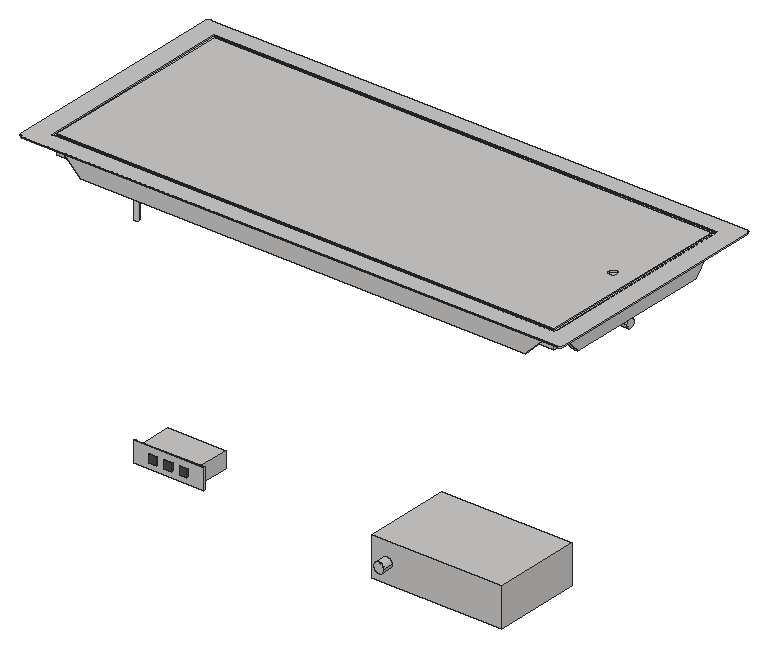
Revit family "QF_ELECTROLUXPROFESSIONAL_341139_D21R4", category Specialty Equipment, Revit 2018
Family settings
  Round Connector Dimension = Use Diameter
  Part Type = Normal
  Work Plane-Based = No
  Always vertical = Yes
  Cut with Voids When Loaded = No
  Shared = No
  Room Calculation Point = No
Parameters (values of type "Standard")
  Weight = 0.00 kg
  Watts = 0 W
  Volts = 220 V
  URL Manufacturer = "http://professional.electrolux.com"
  URL = "http://professional.electrolux.com"
  Steam Supply Size = 0 mm
  Steam Supply Minimum Pressure = 0.0 Pa
  Steam Supply Maximum Pressure = 0.0 Pa
  Steam Pounds per Hour = 0
  Show Clearance [instance] = yes
  Remote Electrical Box_Z [instance] = 200.00 mm
  Remote Electrical Box_Y [instance] = 500.00 mm
  Remote Electrical Box_X [instance] = 1000.00 mm
  Refrigeration Suction Line Size = 0 mm
  Refrigeration Liquid Line Size = 0 mm
  Refrigerant Compressor Remote = yes
  Manufacturer = "Electrolux Professional"
  Phase = 1
  Model = "D21R4"
  Length Actual = 1420.00 mm  # constant formula
  Item Number = "341139"
  Hot Water Size = 0 mm
  Height Actual = 80.00 mm  # constant formula
  HP = "0 HP"
  Gas Size = 0 mm
  Gas KW = 0
  Gas Input Pressure = 0 W
  Direct Waste Size = 25.4 mm
  Description = "DROP-IN REMOTE, REFRIGERATED QUARTZ SURFACE, 4GN"
  Depth Actual = 620.00 mm  # constant formula
  Cycle = 50 Hz
  Controller_Y [instance] = 500.00 mm
  Controller_1Z [instance] = 200.00 mm
  Controller_1X [instance] = 300.00 mm
  Condensate Return Size = 0 mm
  Compressed Air Volume = 0.0 L/s
  Compressed Air Size = 0 mm
  Compressed Air Pressure = 0.0 Pa
  Cold Water Size = 0 mm
  Accessory = yes
Types (2, lengths in mm): name | Volts | URL Manufacturer | URL | Manufacturer | Phase | Model | Item Number | Description | Cycle
  341085.rfa | 0 V | "" | 0.00 | 0.00 | 0 | 0.00 | "" | 0.00 | 0 Hz
  Standard | 220 V | "http://professional.electrolux.com" | "http://professional.electrolux.com" | "Electrolux Professional" | 1 | "D21R4" | "341139" | "DROP-IN REMOTE, REFRIGERATED QUARTZ SURFACE, 4GN" | 50 Hz
Reference planes
  plane 1 "Centro (Fronte/Retro)": y = 74.737
  plane 2: z = 0
  plane 3 "BACK": y = 384.737
  plane 4 "FRONT": y = -235.263
  plane 5 "RIGHT": x = 196.231
  plane 6 "LEFT": x = -1224.769
  plane 7: x = -514.269
  plane 8 "TOP": z = 900
  plane 9: y = 339.737
  plane 10: y = -190.263
  plane 11: x = -1171.989
  plane 12: x = 143.451
  plane 13: z = 898
  plane 14: z = 822
  plane 15: z = 825
  plane 16: x = 136.731
  plane 17: x = -1165.269
  plane 18: y = 333.517
  plane 19: y = -184.043
  plane 20: z = 438
  plane 21: x = 84.731
  plane 22: y = 323.737
  plane 23: x = -1099.769
  plane 24: x = -649.769
  plane 25: y = -165.263
  plane 26: y = 314.737
  plane 27: x = -924.769
  plane 28: x = -224.769
  plane 29: y = -115.263
  plane 30: y = -115.263
  plane 31: z = 200
  plane 32: z = 200
Forms (mm)
  Extrusion 1, solid, material "QF_Finishes_Stainless Steel"
    sketch origin (0, 0, 900) x (-1, 0, 0) y (0, -1, 0)
      loop
        line (1165.269, -333.517) -> (1165.269, 184.043) -> (-136.731, 184.043) -> (-136.731, -333.517) -> (1165.269, -333.517)
    from -2 to -49.012
  Extrusion 2, solid, material "QF_Finishes_Stainless Steel"
    sketch origin (0, 0, 900) x (-1, 0, 0) y (0, -1, 0)
      loop
        line (1165.269, -333.517) -> (1165.269, 184.043) -> (-136.731, 184.043) -> (-136.731, -333.517) -> (1165.269, -333.517)
    from -2 to 0
  Extrusion 3, void
    sketch origin (0, 0, 900) x (-1, 0, 0) y (0, -1, 0)
      loop
        circle (-84.731, -74.737) r 10.5
    from -2 to 0
  Extrusion 4, solid, material "QF_Finishes_Stainless Steel"
    sketch origin (231.731, 362.737, 0) x (0, -1, 0) y (0, 0, -1)
      loop
        line (478, -822) -> (91.78, -822) -> (23, -898) -> (553, -898) -> (478, -822)
    from -88.28 to -95
  Extrusion 5, solid, material "QF_Finishes_Stainless Steel"
    sketch origin (-1260.269, 362.737, 0) x (0, -1, 0) y (0, 0, 1)
      loop
        line (478, 822) -> (553, 898) -> (23, 898) -> (91.78, 822) -> (478, 822)
    from -88.28 to -95
  Extrusion 6, solid, material "QF_Finishes_Stainless Steel"
    sketch origin (231.731, -231.263, 456) x (0, 0, 1) y (-1, 0, 0)
      loop
        line (442, 1403.72) -> (366, 1328.72) -> (366, 163.28) -> (442, 88.28) -> (442, 1403.72)
    from -41 to -47.22
  Extrusion 7, solid, material "QF_Finishes_Stainless Steel"
    sketch origin (231.731, 374.517, 456) x (0, 0, 1) y (1, 0, 0)
      loop
        line (442, -1403.72) -> (442, -88.28) -> (366, -163.28) -> (366, -1328.72) -> (442, -1403.72)
    from -34.78 to -41
  Extrusion 8, solid, material "QF_Finishes_Stainless Steel"
    sketch origin (0, 0, 900) x (-1, 0, 0) y (0, -1, 0)
      loop
        arc (1214.769, -384.737) -> (1221.84, -381.808) -> (1224.769, -374.737) r 10
        line (1224.769, -374.737) -> (1224.769, 225.263)
        arc (1224.769, 225.263) -> (1221.84, 232.334) -> (1214.769, 235.263) r 10
        line (1214.769, 235.263) -> (-186.231, 235.263)
        arc (-186.231, 235.263) -> (-193.302, 232.334) -> (-196.231, 225.263) r 10
        line (-196.231, 225.263) -> (-196.231, -374.737)
        arc (-196.231, -374.737) -> (-193.302, -381.808) -> (-186.231, -384.737) r 10
        line (-186.231, -384.737) -> (1214.769, -384.737)
      loop
        line (1171.989, -339.737) -> (1171.989, 190.263) -> (-143.451, 190.263) -> (-143.451, -339.737) -> (1171.989, -339.737)
    from 0 to -2
  Sweep 9, solid, material "QF_Finishes_Stainless Steel"
    path origin (0, 74.737, 0) x (1, 0, 0) y (0, 0, 1)
      loop
        line (84.731, 850.988) -> (84.731, 797.5) -> (130.231, 797.5)
    profile origin (84.731, 74.737, 824.244) x (0, -1, 0) y (1, 0, 0)
      loop
        circle (0, 0) r 10.5
  Extrusion 10, solid, material "QF_Finishes_Stainless Steel"
    sketch origin (0, 0, 900) x (-1, 0, 0) y (0, -1, 0)
      loop
        circle (1124.769, -28.737) r 6.35
    from -49.012 to -278
  Extrusion 11, solid, material "QF_Finishes_Stainless Steel"
    sketch origin (0, 0, 900) x (-1, 0, 0) y (0, -1, 0)
      loop
        circle (1124.769, -128.737) r 4.76
    from -49.012 to -228
Cuts and joins
  Extrusion 3 cuts Extrusion 2
  joined: Extrusion 1, Extrusion 4, Extrusion 5, Extrusion 6, Extrusion 7
Lines and regions (mm)
  symbolic lines
    curve 1: line (-1171.989, 339.737, 900) -> (143.451, 339.737, 900)
    curve 2: line (-1171.989, -190.263, 900) -> (-1171.989, 339.737, 900)
    curve 3: line (143.451, -190.263, 900) -> (-1171.989, -190.263, 900)
    curve 4: line (143.451, 339.737, 900) -> (143.451, -190.263, 900)
    curve 5: line (-1165.269, 333.517, 900) -> (136.731, 333.517, 900)
    curve 6: line (-1165.269, -184.043, 900) -> (-1165.269, 333.517, 900)
    curve 7: line (136.731, -184.043, 900) -> (-1165.269, -184.043, 900)
    curve 8: line (136.731, 333.517, 900) -> (136.731, -184.043, 900)
    curve 9: arc (95.231, 74.737, 900) -> (84.731, 85.237, 900) -> (74.231, 74.737, 900) r 10.5
    curve 10: arc (74.231, 74.737, 900) -> (84.731, 64.237, 900) -> (95.231, 74.737, 900) r 10.5
    curve 11: line (186.231, 384.737, 900) -> (-1214.769, 384.737, 900)
    curve 12: arc (-1214.769, 384.737, 900) -> (-1221.84, 381.808, 900) -> (-1224.769, 374.737, 900) r 10
    curve 13: line (-1224.769, 374.737, 900) -> (-1224.769, -225.263, 900)
    curve 14: arc (-1224.769, -225.263, 900) -> (-1221.84, -232.334, 900) -> (-1214.769, -235.263, 900) r 10
    curve 15: line (-1214.769, -235.263, 900) -> (186.231, -235.263, 900)
    curve 16: arc (186.231, -235.263, 900) -> (193.302, -232.334, 900) -> (196.231, -225.263, 900) r 10
    curve 17: line (196.231, -225.263, 900) -> (196.231, 374.737, 900)
    curve 18: arc (196.231, 374.737, 900) -> (193.302, 381.808, 900) -> (186.231, 384.737, 900) r 10
  symbolic lines, style "SpecialityEquipmentHiddenLines"
    curve 19: line (-1171.989, 339.737, 900) -> (143.451, 339.737, 900)
    curve 20: line (-1171.989, -190.263, 900) -> (-1171.989, 339.737, 900)
    curve 21: line (143.451, -190.263, 900) -> (-1171.989, -190.263, 900)
    curve 22: line (143.451, 339.737, 900) -> (143.451, -190.263, 900)
    curve 23: line (-639.769, -165.263, 900) -> (-639.769, 314.737, 900)
    curve 24: line (-1109.769, -165.263, 900) -> (-639.769, -165.263, 900)
    curve 25: line (-1109.769, 314.737, 900) -> (-1109.769, -165.263, 900)
    curve 26: line (-639.769, 314.737, 900) -> (-1109.769, 314.737, 900)
Dimensions and locks
  plane 6 "LEFT" to plane 5 "RIGHT" = 1421.00 mm
  equal spacing: plane 3 "BACK", plane 1 "Centro (Fronte/Retro)", plane 4 "FRONT"
  plane 3 "BACK" to plane 4 "FRONT" = 620.00 mm
  equal spacing: plane 6 "LEFT", plane 7, plane 5 "RIGHT"
  locked: plane 8 "TOP" to plane 2 at 900
  plane 3 "BACK" to plane 9 = 45.00 mm
  plane 10 to plane 4 "FRONT" = 45.00 mm
  locked: plane 6 "LEFT" to plane 11 at 52.78
  locked: plane 12 to plane 5 "RIGHT" at 52.78
  locked: plane 8 "TOP" to plane 13 at 2
  plane 8 "TOP" to plane 14 = 78.00 mm
  locked: plane 15 to plane 14 at 3
  locked: plane 11 to plane 17 at 6.72
  locked: plane 16 to plane 12 at 6.72
  locked: plane 9 to plane 18 at 6.22
  locked: plane 19 to plane 10 at 6.22
  plane 8 "TOP" to plane 20 = 462.00 mm
  locked: plane 21 to Extrusion 2 at 52
  plane 1 "Centro (Fronte/Retro)" to plane 22 = 249.00 mm
  locked: plane 24 to plane 23 at 450
  plane 16 to plane 17 = 1302.00 mm
  plane 10 to plane 18 = 523.78 mm
  locked: plane 23 to plane 6 "LEFT" at 125
  equal spacing: plane 25, plane 1 "Centro (Fronte/Retro)", plane 26
  plane 25 to plane 26 = 480.00 mm
  Extrusion 8 to Extrusion 8 = 530.00 mm
  "Controller_Y": plane 3 "BACK" to plane 30
  "Remote Electrical Box_Y": plane 3 "BACK" to plane 29
  "Controller_1X": plane 6 "LEFT" to plane 27
  "Remote Electrical Box_X": plane 6 "LEFT" to plane 28
  "Controller_1Z": plane 31 to plane 2
  "Remote Electrical Box_Z": plane 32 to plane 2
  aligned and locked: level to plane 2
  aligned and locked: Extrusion 2 sketch curve to plane 18
  aligned and locked: plane 17 to Extrusion 2 sketch curve
  aligned and locked: plane 19 to Extrusion 2 sketch curve
  aligned and locked: Extrusion 2 sketch curve to plane 16
  aligned and locked: plane 8 "TOP" to Extrusion 2
  aligned and locked: plane 8 "TOP" to Extrusion 3
  aligned and locked: Extrusion 4 sketch curve to plane 13
  aligned and locked: Extrusion 4 to plane 16
  aligned and locked: plane 19 to Extrusion 6
  aligned and locked: plane 17 to Extrusion 1 sketch curve
  aligned and locked: Extrusion 1 sketch curve to plane 18
  aligned and locked: Extrusion 1 sketch curve to plane 16
  aligned and locked: plane 19 to Extrusion 1 sketch curve
  aligned and locked: plane 12 to Extrusion 4
  aligned and locked: Extrusion 8 sketch curve to plane 3 "BACK"
  aligned and locked: plane 6 "LEFT" to Extrusion 8 sketch curve
  aligned and locked: plane 4 "FRONT" to Extrusion 8 sketch curve
  aligned and locked: Extrusion 8 sketch curve to plane 5 "RIGHT"
  aligned and locked: Extrusion 8 to plane 13
  aligned and locked: Extrusion 8 sketch curve to curve 1
  aligned and locked: Extrusion 8 sketch curve to curve 2
  aligned and locked: Extrusion 8 sketch curve to curve 3
  aligned and locked: Extrusion 8 sketch curve to curve 4
  aligned and locked: Extrusion 5 to plane 11
  aligned and locked: plane 17 to Extrusion 5
  aligned and locked: plane 27 to nested 2
  aligned and locked: plane 28 to nested 3
  aligned and locked: plane 29 to nested 3
  aligned and locked: nested 2 to plane 30
  aligned and locked: plane 32 to nested 3
  aligned and locked: nested 2 to plane 31
Automatic sketch dimensions
  plane 1 "Centro (Fronte/Retro)" to Extrusion 3 sketch curve = 0.00 mm
  Extrusion 3 sketch curve to plane 21 = 0.00 mm
  Extrusion 4 sketch curve to plane 9 = 0.00 mm
  Extrusion 4 sketch curve to plane 10 = 0.00 mm
  Extrusion 4 sketch curve to plane 22 = 52.78 mm
  Extrusion 5 sketch curve to plane 9 = 0.00 mm
  Extrusion 5 sketch curve to plane 14 = 0.00 mm
  Extrusion 5 sketch curve to plane 10 = 0.00 mm
  Extrusion 5 sketch curve to plane 13 = 0.00 mm
  Extrusion 5 sketch curve to plane 22 = 52.78 mm
  Extrusion 7 sketch curve to plane 14 = 0.00 mm
  Extrusion 7 sketch curve to plane 11 = 0.00 mm
  Extrusion 7 sketch curve to plane 13 = 0.00 mm
  Extrusion 7 sketch curve to plane 12 = 0.00 mm
  plane 17 to Extrusion 7 sketch curve = 68.28 mm
  Extrusion 7 sketch curve to plane 21 = 16.28 mm
  Extrusion 6 sketch curve to plane 11 = 0.00 mm
  Extrusion 6 sketch curve to plane 13 = 0.00 mm
  Extrusion 6 sketch curve to plane 12 = 0.00 mm
  Extrusion 6 sketch curve to plane 21 = 16.28 mm
  plane 17 to Extrusion 6 sketch curve = 68.28 mm
  Extrusion 4 sketch curve to plane 14 = 0.00 mm
  Extrusion 8 sketch curve to plane 5 "RIGHT" = 10.00 mm
  Extrusion 8 sketch curve to plane 3 "BACK" = 10.00 mm  (x2)
  plane 4 "FRONT" to Extrusion 8 sketch curve = 10.00 mm
  Extrusion 6 sketch curve to plane 14 = 0.00 mm
  plane 19 to Extrusion 4 sketch curve = 68.78 mm
  plane 19 to Extrusion 5 sketch curve = 68.78 mm
  Sweep 9 sketch curve to plane 21 = 0.00 mm
  plane 15 to Sweep 9 sketch curve = 25.988 mm
  Sweep 9 sketch curve to plane 14 = 24.50 mm
  Sweep 9 sketch curve to plane 16 = 6.50 mm
  plane 1 "Centro (Fronte/Retro)" to Sweep 9 sketch curve = 0.00 mm
  Sweep 9 sketch curve to profile plane = 0.00 mm
  curve 18 to plane 5 "RIGHT" = 0.00 mm
  curve 18 to plane 3 "BACK" = 0.00 mm
  curve 15 to plane 4 "FRONT" = 0.00 mm
  plane 10 to curve 3 = 0.00 mm
  curve 3 to plane 12 = 0.00 mm
  curve 7 to plane 16 = 0.00 mm
  plane 1 "Centro (Fronte/Retro)" to curve 10 = 0.00 mm
  curve 9 to plane 21 = 0.00 mm
  curve 5 to plane 17 = 0.00 mm
  curve 1 to plane 9 = 0.00 mm
  curve 21 to plane 11 = 0.00 mm
  curve 13 to plane 6 "LEFT" = 0.00 mm
  curve 8 to plane 18 = 0.00 mm
  curve 6 to plane 19 = 0.00 mm
  curve 18 to plane 3 "BACK" = 10.00 mm
  curve 15 to plane 5 "RIGHT" = 10.00 mm
  plane 6 "LEFT" to curve 15 = 10.00 mm
  plane 6 "LEFT" to curve 11 = 10.00 mm
  plane 21 to curve 10 = 10.50 mm
  curve 24 to plane 25 = 0.00 mm
  curve 23 to plane 26 = 0.00 mm
  plane 24 to curve 24 = 10.00 mm
  curve 24 to plane 23 = 10.00 mm
  Extrusion 10 sketch curve to plane 23 = 25.00 mm
  plane 1 "Centro (Fronte/Retro)" to Extrusion 10 sketch curve = 46.00 mm
  Extrusion 11 sketch curve to plane 23 = 25.00 mm
  Extrusion 11 sketch curve to plane 1 "Centro (Fronte/Retro)" = 54.00 mm
  radius of Extrusion 3 sketch curve = 10.50 mm
  radius of Sweep 9 sketch curve = 10.50 mm
  radius of Extrusion 10 sketch curve = 6.35 mm
  radius of Extrusion 11 sketch curve = 4.76 mm
Nested families
  nested 1: "Refrigerator" at (16.231, -45.263, 900), type "Refrigerator"
  nested 2: "Controller" at (-924.769, -115.263, 200), type "Controller"
  nested 3: "Remote_Electrical_Box" at (-224.769, -0.263, 100), type "Remote_Electrical_Box"
Connectors
  piping at (130.231, 74.737, 797.5), diameter 21
    settings: on Sweep 9, index 1, connector inside diameter 609.6 mm, connector length 0.00 mm, flow factor 0, pipe flow 0.0 L/s, pressure drop 0.0 Pa, fitting loss kfactor 0, connector angle 0.00°, fixture units 0, engagement length 0.00 mm, angle of deflection 0.00°, flow configuration 1, flow direction 1, fitting loss method 0, system type 16, joint type 0, gender type 0, connector reference index -1, connector utility 0, adjustable connector no, is connector primary yes, connector description "drain"
  electrical at (-354.769, -142.263, 149.381)
    settings: on nested 3, index 2, voltage 0 V, apparent load 0 VA, apparent load phase1 0 VA, apparent load phase2 0 VA, apparent load phase3 0 VA, power factor 1, load classification "Altro", number of poles 1, system type 14, power factor state 1, is connector primary yes, connector utility no, sub classification motor no, connector description ""
  piping at (-1124.769, 28.737, 622), diameter 12.7
    settings: on Extrusion 10, index 5, connector inside diameter 609.6 mm, connector length 0.00 mm, flow factor 0, pipe flow 0.0 L/s, pressure drop 0.0 Pa, fitting loss kfactor 0, connector angle 0.00°, fixture units 0, engagement length 0.00 mm, angle of deflection 0.00°, flow configuration 1, flow direction 1, fitting loss method 0, system type 22, joint type 0, gender type 0, connector reference index -1, connector utility 0, adjustable connector no, is connector primary no, connector description ""
  piping at (-1124.769, 128.737, 672), diameter 9.52
    settings: on Extrusion 11, index 6, connector inside diameter 609.6 mm, connector length 0.00 mm, flow factor 0, pipe flow 0.0 L/s, pressure drop 0.0 Pa, fitting loss kfactor 0, connector angle 0.00°, fixture units 0, engagement length 0.00 mm, angle of deflection 0.00°, flow configuration 1, flow direction 1, fitting loss method 0, system type 22, joint type 0, gender type 0, connector reference index -1, connector utility 0, adjustable connector no, is connector primary no, connector description ""
Definition of nested family "Controller"
  Reference planes
    plane 1 "Center (Front/Back)": y = 0
    plane 2: z = 0
    plane 3 "Center (Left/Right)": x = 0
  Forms (mm)
    Extrusion 1, solid
      sketch origin (0, 44.769, -48.2) x (1, 0, 0) y (0, 1, 0)
        loop
          line (-76, 43.231) -> (-76, -47.65) -> (76, -47.65) -> (76, 43.231) -> (-76, 43.231)
      from 6.2 to 48.2
    Extrusion 2, solid
      sketch origin (0, 44.769, -48.2) x (1, 0, 0) y (0, 0, 1)
        loop
          line (-92.25, 54.4) -> (-92.25, 0) -> (92.25, 0) -> (92.25, 54.4) -> (-92.25, 54.4)
        loop
          line (-76, 48.2) -> (-76, 6.2) -> (76, 6.2) -> (76, 48.2) -> (-76, 48.2)
      from 44.769 to 47.65
    Extrusion 3, solid
      sketch origin (76, -2.881, -48.2) x (-1, 0, 0) y (0, 0, -1)
        loop
          line (106, -37.2) -> (126, -37.2) -> (126, -17.2) -> (106, -17.2) -> (106, -37.2)
        loop
          line (66, -37.2) -> (86, -37.2) -> (86, -17.2) -> (66, -17.2) -> (66, -37.2)
        loop
          line (26, -37.2) -> (46, -37.2) -> (46, -17.2) -> (26, -17.2) -> (26, -37.2)
      from 0 to 2
    Extrusion 4, void
      sketch origin (0, 0, 0) x (1, 0, 0) y (0, 1, 0)
        loop
          line (76, 88) -> (-76, 88) -> (-76, 0) -> (76, 0) -> (76, 88)
      from 0 to -42
  Cuts and joins
    Extrusion 4 cuts Extrusion 2
    joined: Extrusion 1, Extrusion 2
  Lines and regions (mm)
    symbolic lines
      curve 1: line (-76, 88, 0) -> (-76, 0, 0)
      curve 2: line (76, 88, 0) -> (-76, 88, 0)
      curve 3: line (76, 0, 0) -> (76, 88, 0)
      curve 4: line (-92.25, -2.881, 0) -> (92.25, -2.881, 0)
      curve 5: line (-92.25, 0, 0) -> (-92.25, -2.881, 0)
      curve 6: line (92.25, 0, 0) -> (-92.25, 0, 0)
      curve 7: line (92.25, -2.881, 0) -> (92.25, 0, 0)
  Dimensions and locks
    aligned and locked: level to plane 2
Definition of nested family "Remote_Electrical_Box"
  Parameters (values of type "Remote_Electrical_Box")
    Default Elevation = 1219.20 mm
  Reference planes
    plane 1 "Center (Front/Back)": y = 0
    plane 2: z = 0
    plane 3 "Center (Left/Right)": x = 0
    plane 4: x = -170
    plane 5: x = 170
    plane 6: y = 115
    plane 7: y = -115
    plane 8: z = 100
    plane 9: z = 50
  Forms (mm)
    Extrusion 1, solid
      sketch origin (0, 0, 0) x (1, 0, 0) y (0, 1, 0)
        loop
          line (-170, 115) -> (-170, -115) -> (170, -115) -> (170, 115) -> (-170, 115)
      from 0 to 100
    Extrusion 2, solid
      sketch origin (0, 0, 0) x (1, 0, 0) y (0, 0, 1)
        loop
          circle (-130, 49.381) r 13
      from 115 to 142
  Lines and regions (mm)
    symbolic lines
      curve 1: line (-170, 115, 0) -> (170, 115, 0)
      curve 2: line (-170, -115, 0) -> (-170, 115, 0)
      curve 3: line (170, -115, 0) -> (-170, -115, 0)
      curve 4: line (170, 115, 0) -> (170, -115, 0)
      curve 5: line (-143, -142, 0) -> (-117, -142, 0)
      curve 6: line (-143, -142, 0) -> (-143, -115, 0)
      curve 7: line (-117, -142, 0) -> (-117, -115, 0)
  Dimensions and locks
    equal spacing: plane 4, plane 3 "Center (Left/Right)", plane 5
    equal spacing: plane 6, plane 1 "Center (Front/Back)", plane 7
    plane 4 to plane 5 = 340.00 mm
    plane 6 to plane 7 = 230.00 mm
    Extrusion 1 to Extrusion 2 sketch curve = 40.00 mm
    equal spacing: plane 8, plane 9, plane 2
    aligned and locked: level to plane 2
    aligned and locked: Extrusion 1 sketch curve to plane 6
    aligned and locked: plane 4 to Extrusion 1 sketch curve
    aligned and locked: plane 7 to Extrusion 1 sketch curve
    aligned and locked: Extrusion 1 sketch curve to plane 5
    aligned and locked: plane 7 to Extrusion 2
    aligned and locked: plane 8 to Extrusion 1
  Automatic sketch dimensions
    level to Extrusion 2 sketch curve = 49.381 mm
    curve 3 to plane 4 = 0.00 mm
    curve 7 to plane 7 = 0.00 mm
    curve 3 to plane 5 = 0.00 mm
    curve 2 to plane 6 = 0.00 mm
    plane 4 to curve 6 = 27.00 mm
    curve 5 to curve 6 = 27.00 mm
    curve 6 to curve 7 = 26.00 mm
    radius of Extrusion 2 sketch curve = 13.00 mm
Definition of nested family "Refrigerator"
  Reference planes
    plane 1 "Center (Front/Back)": y = 0
    plane 2: z = 0
    plane 3 "Center (Left/Right)": x = 0
  Lines and regions (mm)
    detail lines, in view "Ref. Level"
      curve 1: line (0, -60, 0) -> (0, 60, 0)
      curve 2: line (-51.962, 30, 0) -> (51.962, -30, 0)
      curve 3: line (-51.962, -30, 0) -> (51.962, 30, 0)
      curve 4: line (19.116, 56.873, 0) -> (0, 35, 0)
      curve 5: line (0, 35, 0) -> (-19.116, 56.873, 0)
      curve 6: line (-30.311, 17.5, 0) -> (-40, 45.883, 0)
      curve 7: line (-59.736, 11.7, 0) -> (-30.311, 17.5, 0)
      curve 8: line (-30.311, -17.5, 0) -> (-59.736, -11.7, 0)
      curve 9: line (-40, -45.883, 0) -> (-30.311, -17.5, 0)
      curve 10: line (0, -35, 0) -> (-19.116, -56.873, 0)
      curve 11: line (19.116, -56.873, 0) -> (0, -35, 0)
      curve 12: line (30.311, -17.5, 0) -> (39.696, -44.992, 0)
      curve 13: line (58.812, -11.882, 0) -> (30.311, -17.5, 0)
      curve 14: line (30.311, 17.5, 0) -> (58.812, 11.882, 0)
      curve 15: line (39.696, 44.992, 0) -> (30.311, 17.5, 0)
